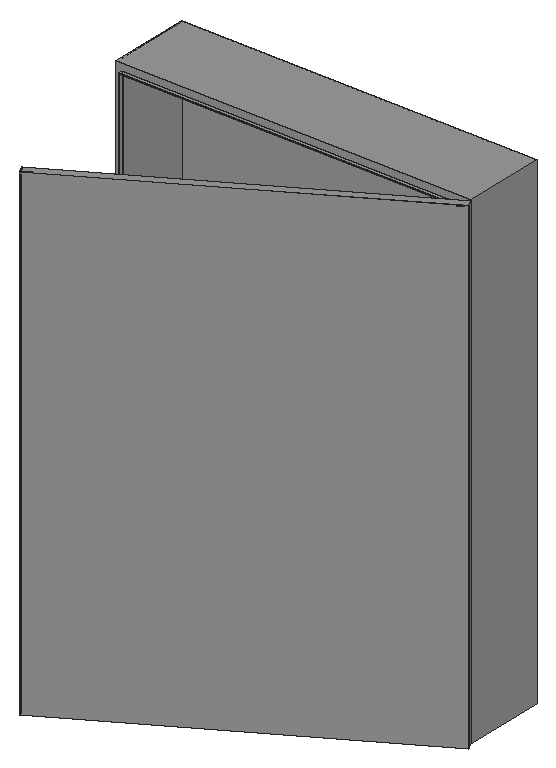
Revit family "Hager-Univers-IP44-D205-H1100-Cl.II-Encl-NoHosted-CH-en", category Equipement électrique, Revit 2020
Family settings
  Configuration du panneau = Deux colonnes, circuits au sein
  Cote de connecteur circulaire = Utiliser le diamètre
  Type d'élément = Tableau de raccordement
  Basée sur le plan de construction = Oui
  Toujours verticalement = Oui
  Couper avec des vides une fois chargée = Non
  Partagée = Non
  Point de calcul de pièce = Non
Parameters (values of type "Surface mounted (plaster) IP44 W800 H1100 D205  - FP73QS")
  Width Control [instance] = if([EF000008 - Width] > Min Width, [EF000008 - Width], Min Width)  # 800 mm
  Commentaires du type = [HG000003 - Range]  # "Univers"
  Thickness Door [instance] = if([EF009171 - Material plate thickness door/cover] > 3 mm, 3 mm, [EF009171 - Material plate thickness door/cover])  # 1 mm
  Seal Frame Offset [instance] = 17 mm  # constant formula
  Plinth Visibility [instance] = [HG000027 - Plinth height] > 0 mm  # no
  Min Width [instance] = 100 mm  # constant formula
  Min Depth [instance] = (2 * [EF009170 - Material plate thickness cabinet]) + 1 mm  # 3 mm
  Min Height [instance] = 100 mm  # constant formula
  Internal Frame Depth [instance] = (Door System Depth * 0.5)  # 9 mm
  Panel Name [instance] = ""  # (empty or 0)
  Model = ""
  HG000027 - Plinth height = 0 mm
  HG000026 - Floor standing = no
  HG000024 - Bottom section height = 600 mm
  HG000023 - Double section enclosure = no
  HG000016 - Door 3d visibility [instance] = yes
  HG000015 - Clearance visibility [instance] = no
  HG000014 - Door on the right [instance] = yes
  HG000013 - Door on the left [instance] = not([HG000014 - Door on the right])  # no
  HG000012 - Door swing angle [instance] = 30.00°
  HG000010 - Asymmetric doors = no
  HG000009 - Double swing door = no
  HG000006 - Flush mounted = no
  HG000004 - Manufacturer reference = "FP73QS"
  HG000003 - Range = "Univers"
  HG000002 - With door or cover = yes
  Frame Offset Bottom [instance] = 10 mm  # constant formula
  Frame Offset [instance] = 15 mm  # constant formula
  EF015940 - Cover with overpressure release = no
  EF011959 - Degree of protection (NEMA) = ""
  EF009554 - Number of openings for flange plates = 6
  EF009212 - Cover model = "EV000116 - Closed"
  EF009171 - Material plate thickness door/cover = 1 mm
  EF009170 - Material plate thickness cabinet = 1 mm
  EF008873 - Nominal current (In) = 250 A
  EF007800 - Suitable for lightning protection = no
  EF006306 - With lock = no
  EF006244 - Transparent cover/door = no
  EF005474 - Degree of protection (IP) = "EV006418 - IP44"
  EF004464 - Type of door = "EV002646 - Single"
  EF004427 - Number of modules = 252
  EF004293 - Impact strength = "EV006815 - IK09"
  EF003532 - Suitable for outdoor use = no
  EF002950 - Width in number of modular spacings = 36
  EF001613 - Circuit integrity = "EV000494 - None"
  EF001596 - Material housing = "EV000179 - Steel"
  EF001131 - Internal depth = 143 mm
  EF001088 - Extension possible = yes
  EF000437 - Number of conduit inlets = 6
  EF000339 - Type of cover = "EV001012 - Cover"
  EF000266 - Number of rows = 7
  EF000218 - Built-in depth = 0 mm
  EF000118 - With mounting plate = no
  EF000116 - RAL-number = "9010"
  EF000049 - Depth = 205 mm
  EF000040 - Height = 1100 mm
  EF000008 - Width = 800 mm
  EF000007 - Colour = "EV000202 - White"
  EF000003 - Mounting method = "EV000384 - Surface mounted (plaster)"
  Door System Leaf Tolerance [instance] = 1.5 mm  # constant formula
  Door System Depth [instance] = 18 mm  # constant formula
  Door Height [instance] = Height Control - [HG000027 - Plinth height]  # 1100 mm
  Description = ""
  Default Elevation = 1219.2 mm
  Connector Offset [instance] = Height Control / 2  # 550 mm
  Fabricant = "Hager"  # constant formula
  Height Control [instance] = if([EF000040 - Height] > Min Height, [EF000040 - Height], Min Height)  # 1100 mm
  Depth Control [instance] = if([EF000049 - Depth] > Min Depth, [EF000049 - Depth], Min Depth)  # 205 mm
  Bottom Top Plate Trim [instance] = 1.5 mm  # constant formula
  Plinth height Ctrl [instance] = if([HG000027 - Plinth height] > 0 mm, [HG000027 - Plinth height], 12 mm)  # 12 mm
Types (5, lengths in mm): name | Width Control | HG000009 - Double swing door | HG000004 - Manufacturer reference | EF009554 - Number of openings for flange plates | EF004464 - Type of door | EF004427 - Number of modules | EF002950 - Width in number of modular spacings | EF000437 - Number of conduit inlets | EF000008 - Width
  Surface mounted (plaster) IP44 W1050 H1100 D205  - FP74QS | 1050 | yes | "FP74QS" | 8 | "EV003602 - Double" | 336 | 48 | 8 | 1050
  Surface mounted (plaster) IP44 W1300 H1100 D205  - FP75QS | 1300 | yes | "FP75QS" | 10 | "EV003602 - Double" | 420 | 60 | 10 | 1300
  Surface mounted (plaster) IP44 W300 H1100 D205  - FP71QS | 300 | no | "FP71QS" | 2 | "EV002646 - Single" | 84 | 12 | 2 | 300
  Surface mounted (plaster) IP44 W550 H1100 D205  - FP72QS | 550 | no | "FP72QS" | 4 | "EV002646 - Single" | 168 | 24 | 4 | 550
  Surface mounted (plaster) IP44 W800 H1100 D205  - FP73QS | 800 | no | "FP73QS" | 6 | "EV002646 - Single" | 252 | 36 | 6 | 800
Reference planes
  plane 1 "Center (Front/Back)": y = 0
  plane 2: z = 0
  plane 3 "Center (Left/Right)": x = 0
  plane 4: y = 0
  plane 5: y = 0
  plane 6: z = 0
  plane 7: x = -400
  plane 8: x = 400
  plane 9: x = 399
  plane 10: x = -399
  plane 11: z = 0
  plane 12: z = 1
  plane 13: y = -205
  plane 14: y = -1
  plane 15: x = 0
  plane 16: y = -187
  plane 17: y = -204
  plane 18: y = -186
  plane 19: x = -384
  plane 20: x = 384
  plane 21: z = 11
  plane 22: x = -383
  plane 23: x = 383
  plane 24: z = 0
  plane 25: z = 1100
  plane 26: z = 1100
  plane 27: z = 1084
  plane 28: z = 1099
Forms (mm)
  Extrusion 1, solid, material "Hager_Steel_RAL7035_Light_Grey", detail levels medium+fine
    sketch origin (-208.679, -4572, 0) x (-1, 0, 0) y (0, -1, 0)
      loop
        line (191.321, -4385) -> (-608.679, -4385) -> (-608.679, -4572) -> (191.321, -4572) -> (191.321, -4385)
    from 0 to 1100
  Extrusion 2, void
    sketch origin (-350.771, -205, 1219.2) x (1, 0, 0) y (0, 0, 1)
      loop
        line (-48.229, -120.2) -> (-48.229, -1218.2) -> (749.771, -1218.2) -> (749.771, -120.2) -> (-48.229, -120.2)
    from -19 to -204
  Extrusion 3, void
    sketch origin (-290.084, -187, 1219.2) x (1, 0, 0) y (0, 0, 1)
      loop
        line (-93.916, -1208.2) -> (674.084, -1208.2) -> (674.084, -135.2) -> (-93.916, -135.2) -> (-93.916, -1208.2)
    from 0 to -1
  Extrusion 4, solid, material "Hager_Steel_RAL7035_Light_Grey", visible <- "Plinth Visibility", detail levels medium+fine
    sketch origin (0, 0, 0) x (1, 0, 0) y (0, 1, 0)
      loop
        line (-400, 0) -> (-400, -187) -> (400, -187) -> (400, 0) -> (-400, 0)
    from 0 to 12 <- "Plinth height Ctrl"
  Extrusion 5, solid, material "Hager_Steel_RAL7035_Light_Grey", detail levels coarse
    sketch origin (0, 0, 0) x (1, 0, 0) y (0, 1, 0)
      loop
        line (-400, 0) -> (-400, -205) -> (400, -205) -> (400, 0) -> (-400, 0)
    from 0 to 1100 <- "Height Control"
  Sweep 6, void
    path in 3D
      loop
        line (-400, -187, 12) -> (400, -187, 12) -> (400, 0, 12) -> (-400, 0, 12) -> (-400, -187, 12)
    profile origin (-400, -93.5, 12) x (1, 0, 0) y (0, 0, 1)
      loop
        line (0, 0) -> (0, -1.5) -> (1.5, -1.5)
        arc (1.5, -1.5) -> (1.061, -0.439) -> (0, 0) r 1.5
  Extrusion 7, solid, material "Hager_Steel_RAL7035_Light_Grey", detail levels fine
    sketch origin (-400, -187, 0) x (1, 0, 0) y (0, 0, 1)
      loop
        line (16, 11) -> (784, 11) -> (784, 1084) -> (16, 1084) -> (16, 11)
      loop
        line (15, 10) -> (785, 10) -> (785, 1085) -> (15, 1085) -> (15, 10)
    from 0 to 9 <- "Internal Frame Depth"
Cuts and joins
  Extrusion 2, Extrusion 3 cuts Extrusion 1
  Sweep 6 cuts Extrusion 4
Lines and regions (mm)
  Masking region 1
    outline origin (0, 0, 0) x (1, 0, 0) y (0, 1, 0)
      loop
        line (-400, 0) -> (-400, -205) -> (400, -205) -> (400, 0) -> (-400, 0)
  Masking region 2, detail levels coarse
    outline origin (-290.084, -187, 1219.2) x (-1, 0, 0) y (0, 0, 1)
      loop
        line (-690.084, -1219.2) -> (109.916, -1219.2) -> (109.916, -119.2) -> (-690.084, -119.2) -> (-690.084, -1219.2)
  Masking region 3, detail levels coarse
    outline origin (0, 0, 0) x (0, 1, 0) y (0, 0, 1)
      loop
        line (0, 0) -> (0, 1100) -> (-205, 1100) -> (-205, 0) -> (0, 0)
  Masking region 4, visible <- "Plinth Visibility", detail levels medium+fine
    outline origin (0, 0, 0) x (0, 1, 0) y (0, 0, 1)
      loop
        line (-1.5, 12) -> (-185.5, 12)
        arc (-185.5, 12) -> (-185.939, 10.939) -> (-187, 10.5) r 1.5
        line (-187, 10.5) -> (-187, 0) -> (0, 0) -> (0, 10.5)
        arc (0, 10.5) -> (-1.061, 10.939) -> (-1.5, 12) r 1.5
  Masking region 5, detail levels medium+fine
    outline origin (0, 0, 594.038) x (0, 1, 0) y (0, 0, 1)
      loop
        line (0, -594.038) -> (0, 505.962) -> (-187, 505.962) -> (-187, -594.038) -> (0, -594.038)
  Masking region 6, detail levels medium+fine
    outline origin (-359.7, -187, 1211.883) x (-1, 0, 0) y (0, 0, 1)
      loop
        line (-759.7, -1211.883) -> (40.3, -1211.883) -> (40.3, -111.883) -> (-759.7, -111.883) -> (-759.7, -1211.883)
  Masking region 7, visible <- "Plinth Visibility", detail levels medium+fine
    outline origin (-320.334, -187, 1041.368) x (-1, 0, 0) y (0, 0, 1)
      loop
        line (-720.334, -1041.368) -> (79.666, -1041.368) -> (79.666, -1030.868)
        arc (79.666, -1030.868) -> (78.606, -1030.429) -> (78.166, -1029.368) r 1.5
        line (78.166, -1029.368) -> (-718.834, -1029.368)
        arc (-718.834, -1029.368) -> (-719.273, -1030.429) -> (-720.334, -1030.868) r 1.5
        line (-720.334, -1030.868) -> (-720.334, -1041.368)
  sketch lines
    curve 1: line (-400, 0, 12) -> (-400, -187, 12)
    curve 2: line (-400, -187, 12) -> (400, -187, 12)
    curve 3: line (400, 0, 12) -> (-400, 0, 12)
    curve 4: line (400, -187, 12) -> (400, 0, 12)
Dimensions and locks
  locked: plane 1 "Center (Front/Back)" to plane 5
  "EF009170 - Material plate thickness cabinet": plane 7 to plane 10
  "EF009170 - Material plate thickness cabinet": plane 8 to plane 9
  equal spacing: plane 7, plane 3 "Center (Left/Right)", plane 8
  "Width Control": plane 7 to plane 8
  "Depth Control": plane 4 to plane 13
  "EF009170 - Material plate thickness cabinet": plane 4 to plane 14
  "Height Control": plane 25 to level
  "HG000027 - Plinth height": plane 11 to level
  "EF009170 - Material plate thickness cabinet": plane 12 to plane 11
  "EF009170 - Material plate thickness cabinet": plane 17 to plane 13
  "EF009170 - Material plate thickness cabinet": plane 18 to plane 16
  "Frame Offset Bottom": plane 21 to plane 12
  "Frame Offset": plane 10 to plane 19
  "Frame Offset": plane 9 to plane 20
  "Door System Depth": plane 16 to plane 13
  "Seal Frame Offset": plane 7 to plane 22
  "Seal Frame Offset": plane 8 to plane 23
  "EF009170 - Material plate thickness cabinet": plane 26 to plane 28
  "Frame Offset": plane 28 to plane 27
  "Connector Offset": plane 2 to connector elem
  "Bottom Top Plate Trim": profile plane to Sweep 6 sketch curve
  "Bottom Top Plate Trim": Sweep 6 sketch curve to Sweep 6 sketch curve
  "Plinth height Ctrl": Masking region 4 sketch curve to level
  "Plinth height Ctrl": Masking region 7 sketch curve to level
  "Thickness Door": Extrusion 7 sketch curve to Extrusion 7 sketch curve  (x4)
  "Bottom Top Plate Trim": radius of Sweep 6 sketch curve
  "Bottom Top Plate Trim": radius of Masking region 4 sketch curve  (x2)
  "Bottom Top Plate Trim": radius of Masking region 7 sketch curve  (x2)
  aligned and locked: Extrusion 2 sketch curve to plane 12
  aligned and locked: Extrusion 2 sketch curve to plane 9
  aligned and locked: Extrusion 2 sketch curve to plane 10
  aligned and locked: Extrusion 2 to plane 14
  aligned and locked: Extrusion 1 sketch curve to plane 4
  aligned and locked: plane 8 to Extrusion 1 sketch curve
  aligned and locked: plane 7 to Extrusion 1 sketch curve
  aligned and locked: Extrusion 2 to plane 18
  aligned and locked: Extrusion 3 sketch curve to plane 19
  aligned and locked: plane 20 to Extrusion 3 sketch curve
  aligned and locked: Extrusion 3 to Extrusion 2
  aligned and locked: Extrusion 3 sketch curve to plane 21
  aligned and locked: plane 3 "Center (Left/Right)" to nested 1
  aligned and locked: Extrusion 1 sketch curve to plane 16
  aligned and locked: Extrusion 4 sketch curve to cut or joined group of Extrusion 1, Extrusion 2, Extrusion 3
  aligned and locked: Masking region 1 sketch curve to plane 7
  aligned and locked: Masking region 1 sketch curve to plane 5
  aligned and locked: Masking region 1 sketch curve to plane 8
  aligned and locked: Masking region 2 sketch curve to level
  aligned and locked: level to Masking region 3 sketch curve
  aligned and locked: plane 1 "Center (Front/Back)" to Masking region 3 sketch curve
  aligned and locked: plane 13 to Masking region 3 sketch curve
  aligned and locked: plane 5 to Masking region 4 sketch curve
  aligned and locked: Masking region 2 sketch curve to plane 8
  aligned and locked: Masking region 2 sketch curve to plane 7
  aligned and locked: plane 7 to nested 2
  aligned and locked: nested 2 to plane 5
  aligned and locked: plane 5 to Masking region 5 sketch curve
  aligned and locked: plane 26 to Masking region 5 sketch curve
  aligned and locked: Extrusion 5 sketch curve to plane 8
  aligned and locked: Extrusion 5 sketch curve to plane 7
  aligned and locked: Extrusion 5 sketch curve to plane 5
  aligned and locked: Extrusion 3 sketch curve to plane 27
  aligned and locked: Extrusion 2 sketch curve to plane 28
  aligned and locked: Masking region 2 to plane 25
  aligned and locked: Extrusion 4 to plane 16
  aligned and locked: profile plane to Sweep 6 sketch curve
  aligned and locked: Masking region 5 sketch curve to plane 24
  aligned and locked: level to Masking region 4 sketch curve
  aligned and locked: Masking region 1 to plane 13
  aligned and locked: nested 1 to plane 16
  aligned and locked: Masking region 3 to plane 25
  aligned and locked: plane 16 to Masking region 4 sketch curve
  aligned and locked: Masking region 5 sketch curve to plane 16
  aligned and locked: plane 24 to plane 11
  aligned and locked: plane 26 to plane 25
  aligned and locked: plane 26 to cut or joined group of Extrusion 1, Extrusion 2, Extrusion 3
  aligned and locked: nested 1 to plane 24
  aligned and locked: Extrusion 1 to Extrusion 3
  aligned and locked: Masking region 6 sketch curve to plane 8
  aligned and locked: Masking region 6 sketch curve to plane 24
  aligned and locked: Masking region 6 sketch curve to plane 7
  aligned and locked: Masking region 6 sketch curve to plane 26
  aligned and locked: Masking region 7 sketch curve to plane 7
  aligned and locked: level to Masking region 7 sketch curve
  aligned and locked: Masking region 7 sketch curve to plane 8
  aligned and locked: Extrusion 7 sketch curve to cut or joined group of Extrusion 1, Extrusion 2, Extrusion 3  (x4)
Automatic sketch dimensions
  plane 19 to Extrusion 3 sketch curve = 0 mm
  Extrusion 3 sketch curve to plane 20 = 0 mm
  Extrusion 3 sketch curve to plane 21 = 0 mm
  Extrusion 4 sketch curve to plane 7 = 0 mm
  Extrusion 4 sketch curve to plane 8 = 0 mm
  Extrusion 4 sketch curve to plane 16 = 0 mm
  Masking region 1 sketch curve to plane 13 = 0 mm
  Masking region 2 sketch curve to plane 25 = 0 mm
  Masking region 3 sketch curve to plane 25 = 0 mm
  Extrusion 5 sketch curve to plane 13 = 0 mm
  profile plane to Sweep 6 sketch curve = 0 mm
Nested families
  nested 1: "EC000058_Univers_Door" at (0, -187, 0), Double <- "HG000009 - Double swing door", Transparent <- "EF006244 - Transparent cover/door", Angle <- "HG000012 - Door swing angle", Door_Right <- "HG000014 - Door on the right", Assymetrical <- "HG000010 - Asymmetric doors", Door <- "HG000002 - With door or cover", Width_Ctrl <- "Width Control", 3d_Door <- "HG000016 - Door 3d visibility", Clearance <- "HG000015 - Clearance visibility", Door_Left <- "HG000013 - Door on the left", Width <- "Width Control", Door_Depth <- "Door System Depth", Leaf_Tolerance <- "Door System Leaf Tolerance", Height <- "Door Height", Lock_Visibility <- "EF006306 - With lock", Thickness <- "Thickness Door", type "EC000058_Univers_Door", detail levels medium+fine
    with min_wh 3 mm, Width_Ctrl 800 mm, Width 800 mm, Transparent no, Thickness 1 mm, Seal_Material Hager_Rubber, Lock_Visibility no, Lock_Material Hager_Plastic_RAL9005_Jet_Black, Leaf_Width 800 mm, Leaf_Tolerance_External_Sides 0 mm, Leaf_Tolerance 1.5 mm, Leaf_Offset 0 mm, Leaf_Height 1097 mm, Leaf_2_Width 800 mm, Leaf_2_Offset 400 mm, Leaf_1_Width 800 mm, Leaf_1_Offset 400 mm, Height_Ctrl 1100 mm, Height 1100 mm, Glass_Material Hager_Glass, Double_Clearance_Ctrl no, Double no, Door_Right_Ctrl yes, Door_Right yes, Door_Material Hager_Steel_RAL7035_Light_Grey, Door_Left_Ctrl no, Door_Left no, Door_Depth 18 mm, Door yes, Clearance_Material Hager_Clearance, Clearance_Depth 800 mm, Clearance_Ctrl no, Clearance no, Assymetrical no, Angle 30.00°, 3d_Door yes
  nested 2: "Hager_Enclosure_Symbol" at (-400, 0, 0), Height <- "Depth Control", Width <- "Width Control", type "Hager_Enclosure_Symbol"
    with Width_Ctrl 800 mm, Width 800 mm, Height_Ctrl 205 mm, Height 205 mm, A_Width_Int 13.453 mm, A_Width 161.438 mm, A_Height_Ctrl 179.375 mm, A_Height 179.375 mm
Connectors
  electrical at (0, 0, 550)
    settings: on plane 1 "Center (Front/Back)", index 1, voltage 0 V, apparent load 0 VA, apparent load phase1 0 VA, apparent load phase2 0 VA, apparent load phase3 0 VA, power factor 1, load classification "Other", number of poles 1, system type 30, power factor state 1, is connector primary yes, connector utility no, sub classification motor no, connector description ""
Definition of nested family "EC000058_Univers_Door"
  Parameters (values of type "EC000058_Univers_Door")
    min_wh [instance] = (2 * Thickness) + 1 mm  # 11 mm
    Width_Ctrl [instance] = 400 mm
    Width [instance] = 500 mm
    Transparent [instance] = yes
    Thickness [instance] = 5 mm
    Seal_Material [instance] = none
    Lock_Visibility [instance] = yes
    Lock_Material [instance] = none
    Leaf_Width [instance] = if((Width_Ctrl - 2 * Leaf_Tolerance_External_Sides) > 0 mm, (Width_Ctrl - 2 * Leaf_Tolerance_External_Sides), min_wh)  # 400 mm
    Leaf_Tolerance_External_Sides [instance] = 0 mm  # constant formula
    Leaf_Tolerance [instance] = 1.5 mm
    Leaf_Offset [instance] = 0 mm  # constant formula
    Leaf_Height [instance] = if((Height_Ctrl - 2 * Leaf_Tolerance) > 0 mm, (Height_Ctrl - 2 * Leaf_Tolerance), min_wh)  # 497 mm
    Leaf_2_Width [instance] = if(and(and(Double, Assymetrical), Door_Left), (Leaf_Width / 3) - (Leaf_Tolerance / 2), if(and(and(Double, Assymetrical), Door_Right), (Leaf_Width / 3) * 2 - (Leaf_Tolerance / 2), if(and(Double, not(Assymetrical)), (Leaf_Width / 2) - Leaf_Tolerance, Leaf_Width)))  # 400 mm
    Leaf_2_Offset [instance] = if(and(Double, Assymetrical), Leaf_2_Width / 2, if(and(Double, not(Assymetrical)), Leaf_Width / 4, Leaf_Width / 2))  # 200 mm
    Leaf_1_Width [instance] = if(and(and(Double, Assymetrical), Door_Right), (Leaf_Width / 3) - (Leaf_Tolerance / 2), if(and(and(Double, Assymetrical), Door_Left), (Width / 3) * 2 - (Leaf_Tolerance / 2), if(and(Double, not(Assymetrical)), (Leaf_Width / 2) - Leaf_Tolerance, Leaf_Width)))  # 400 mm
    Leaf_1_Offset [instance] = if(and(Double, Assymetrical), Leaf_1_Width / 2, if(and(Double, not(Assymetrical)), Leaf_Width / 4, Leaf_Width / 2))  # 200 mm
    Height_Ctrl [instance] = if(Height > min_wh, Height, min_wh)  # 500 mm
    Height [instance] = 500 mm
    Glass_Material [instance] = none
    Double_Clearance_Ctrl [instance] = and(Double, Clearance)  # no
    Double [instance] = no
    Door_Right_Ctrl [instance] = and(or(Door_Right, Double), Door)  # yes
    Door_Right [instance] = yes
    Door_Material [instance] = none
    Door_Left_Ctrl [instance] = and(or(Door_Left, Double), Door)  # no
    Door_Left [instance] = no
    Door_Depth [instance] = 30 mm
    Door [instance] = yes
    Default Elevation = 1219.2 mm
    Clearance_Material [instance] = none
    Clearance_Depth [instance] = if(Leaf_1_Width > Leaf_2_Width, Leaf_1_Width, Leaf_2_Width)  # 400 mm
    Clearance_Ctrl [instance] = and(not(Double), Clearance)  # yes
    Clearance [instance] = yes
    Assymetrical [instance] = yes
    Angle [instance] = 30.00°
    3d_Door [instance] = yes
  Reference planes
    plane 1 "Center (Front/Back)": y = 0
    plane 2 "Bottom": z = 0
    plane 3 "Center (Left/Right)": x = 0
    plane 4: z = 500
    plane 5: x = -200
    plane 6: x = 200
    plane 7: z = 500
    plane 8: x = -200
    plane 9: z = 0
    plane 10: x = 200
    plane 11: y = 0
    plane 12: z = 1.5
    plane 13: x = -600
    plane 14: y = -400
    plane 15: x = 600
    plane 16: x = 0
    plane 17: x = 0
    plane 18: x = -200
    plane 19: x = 200
    plane 20: z = 498.5
  Forms (mm)
    Extrusion 1, solid, material <- "Clearance_Material", visible <- "Double_Clearance_Ctrl"
      sketch origin (1200, 0, 0) x (1, 0, 0) y (0, 0, -1)
        loop
          line (-1800, -498.5) -> (-600, -498.5) -> (-600, 0) -> (-1800, 0) -> (-1800, -498.5)
      from 0 to -400
  Dimensions and locks
    equal spacing: plane 5, plane 3 "Center (Left/Right)", plane 6
    "Width_Ctrl": plane 5 to plane 6
    "Leaf_Offset": plane 5 to plane 8
    "Leaf_Offset": plane 6 to plane 10
    "Leaf_Offset": plane 9 to level
    "Leaf_Offset": plane 4 to plane 7
    "Height_Ctrl": plane 4 to level
    "Leaf_Tolerance": plane 12 to plane 9
    locked: plane 11 to plane 1 "Center (Front/Back)"
    "Leaf_1_Offset": plane 18 to plane 16
    "Leaf_2_Offset": plane 17 to plane 19
    "Leaf_1_Width": plane 13 to plane 8
    "Leaf_2_Width": plane 10 to plane 15
    "Clearance_Depth": plane 14 to plane 1 "Center (Front/Back)"
    "Leaf_Tolerance_External_Sides": plane 8 to plane 18
    "Leaf_Tolerance_External_Sides": plane 19 to plane 10
    "Leaf_Tolerance": plane 7 to plane 20
    aligned and locked: level to plane 2 "Bottom"
    aligned and locked: nested 1 to plane 16
    aligned and locked: nested 2 to plane 17
    aligned and locked: Extrusion 1 to plane 13
    aligned and locked: plane 15 to Extrusion 1
    aligned and locked: Extrusion 1 to plane 14
    aligned and locked: plane 12 to nested 1
    aligned and locked: nested 2 to plane 12
    aligned and locked: Extrusion 1 to plane 11
    aligned and locked: plane 20 to Extrusion 1
    aligned and locked: nested 2 to plane 11
    aligned and locked: nested 1 to plane 11
  Automatic sketch dimensions
    Extrusion 1 sketch curve to level = 0 mm
    plane 5 to Extrusion 1 sketch curve = 400 mm
    plane 6 to Extrusion 1 sketch curve = 400 mm
    Extrusion 1 sketch curve to plane 4 = 1.5 mm
  Nested families
    nested 1: "EC000058_Univers_Door_Leaf" at (0, 0, 1.5), Width <- "Leaf_1_Width", visible <- "Door_Left_Ctrl", Leaf_Height <- "Leaf_Height", Angle <- "Angle", 3d_Door <- "3d_Door", Transparent <- "Transparent", Clearance Material <- "Clearance_Material", Clearance <- "Clearance_Ctrl", Door_Material <- "Door_Material", Glass_Material <- "Glass_Material", Door_Depth <- "Door_Depth", Lock_Material <- "Lock_Material", Seal_Material <- "Seal_Material", Lock_Visibility <- "Lock_Visibility", Thickness <- "Thickness", type "EC000058_Univers_Door_Leaf"
      with Width 400 mm, Transparent_Glass_Offset 30 mm, Transparent_Ctrl yes, Transparent yes, Thickness 5 mm, Standard no, Seal_Material none, Seal_D2 8 mm, Seal_D1 1 mm, Offset_Internal_Frame 10 mm, Lock_Width 20 mm, Lock_Visibility_3d yes, Lock_Visibility yes, Lock_Thickness_3 3 mm, Lock_Thickness_2 1 mm, Lock_Thickness_1 3 mm, Lock_Radius_Offset_2 16 mm, Lock_Radius_Offset_1 15 mm, Lock_Radius_2 5 mm, Lock_Radius 6 mm, Lock_Offset 5 mm, Lock_Material none, Lock_Height 80 mm, Lock_Cover_Top_Offset_2d 17 mm, Lock_Cover_Height -65 mm, Leaf_Height 497 mm, Internal_Seal_Thickness 8 mm, Internal_Seal_Depth_2 4.5 mm, Internal_Frame_Depth 25 mm, Glass_Thickness -1 mm, Glass_Offset -2 mm, Glass_Material none, Door_Material none, Door_Depth 30 mm, Clearance Material none, Clearance yes, Angle_Ctrl 30.00°, Angle 30.00°, 3d_Door yes
    nested 2: "EC000058_Univers_Door_Leaf" at (0, 0, 1.5) x (-1, 0, 0) z (0, 0, 1), Width <- "Leaf_2_Width", visible <- "Door_Right_Ctrl", Leaf_Height <- "Leaf_Height", Angle <- "Angle", 3d_Door <- "3d_Door", Transparent <- "Transparent", Clearance Material <- "Clearance_Material", Clearance <- "Clearance_Ctrl", Door_Material <- "Door_Material", Glass_Material <- "Glass_Material", Door_Depth <- "Door_Depth", Lock_Material <- "Lock_Material", Seal_Material <- "Seal_Material", Lock_Visibility <- "Lock_Visibility", Thickness <- "Thickness", type "EC000058_Univers_Door_Leaf"
      with Width 400 mm, Transparent_Glass_Offset 30 mm, Transparent_Ctrl yes, Transparent yes, Thickness 5 mm, Standard no, Seal_Material none, Seal_D2 8 mm, Seal_D1 1 mm, Offset_Internal_Frame 10 mm, Lock_Width 20 mm, Lock_Visibility_3d yes, Lock_Visibility yes, Lock_Thickness_3 3 mm, Lock_Thickness_2 1 mm, Lock_Thickness_1 3 mm, Lock_Radius_Offset_2 16 mm, Lock_Radius_Offset_1 15 mm, Lock_Radius_2 5 mm, Lock_Radius 6 mm, Lock_Offset 5 mm, Lock_Material none, Lock_Height 80 mm, Lock_Cover_Top_Offset_2d 17 mm, Lock_Cover_Height -65 mm, Leaf_Height 497 mm, Internal_Seal_Thickness 8 mm, Internal_Seal_Depth_2 4.5 mm, Internal_Frame_Depth 25 mm, Glass_Thickness -1 mm, Glass_Offset -2 mm, Glass_Material none, Door_Material none, Door_Depth 30 mm, Clearance Material none, Clearance yes, Angle_Ctrl 30.00°, Angle 30.00°, 3d_Door yes
  Definition of nested family "EC000058_Univers_Door_Leaf"
    Parameters (values of type "EC000058_Univers_Door_Leaf")
      Width [instance] = 2000 mm
      Transparent_Glass_Offset [instance] = 30 mm
      Transparent_Ctrl [instance] = and(Transparent, [3d_Door])  # yes
      Transparent [instance] = yes
      Thickness [instance] = 5 mm
      Standard [instance] = and(not(Transparent), [3d_Door])  # no
      Seal_Material [instance] = none
      Seal_D2 [instance] = 8 mm  # constant formula
      Seal_D1 [instance] = 1 mm  # constant formula
      Offset_Internal_Frame [instance] = 10 mm  # constant formula
      Lock_Width [instance] = 20 mm  # constant formula
      Lock_Visibility_3d [instance] = and(Lock_Visibility, [3d_Door])  # yes
      Lock_Visibility [instance] = yes
      Lock_Thickness_3 [instance] = 3 mm  # constant formula
      Lock_Thickness_2 [instance] = 1 mm  # constant formula
      Lock_Thickness_1 [instance] = 3 mm  # constant formula
      Lock_Radius_Offset_2 [instance] = Lock_Radius_Offset_1 + 1 mm  # 16 mm
      Lock_Radius_Offset_1 [instance] = 15 mm  # constant formula
      Lock_Radius_2 [instance] = Lock_Radius - 1 mm  # 5 mm
      Lock_Radius [instance] = 6 mm  # constant formula
      Lock_Offset [instance] = 5 mm  # constant formula
      Lock_Material [instance] = none
      Lock_Height [instance] = 80 mm  # constant formula
      Lock_Cover_Top_Offset_2d [instance] = Lock_Radius_Offset_2 + 1 mm  # 17 mm
      Lock_Cover_Height [instance] = -(Lock_Height - Lock_Radius_Offset_1)  # -65 mm
      Leaf_Height [instance] = 2720.336 mm
      Internal_Seal_Thickness [instance] = 8 mm  # constant formula
      Internal_Seal_Depth_2 [instance] = 4.5 mm  # constant formula
      Internal_Frame_Depth [instance] = if(Door_Depth - Thickness > 5 mm, Door_Depth - Thickness, 5 mm)  # 25 mm
      Glass_Thickness [instance] = if(Thickness > 15 mm, Glass_Offset + 10 mm, -1 mm)  # -1 mm
      Glass_Offset [instance] = if(Thickness > 15 mm, -(Thickness + 10 mm) / 2, -2 mm)  # -2 mm
      Glass_Material [instance] = none
      Door_Material [instance] = none
      Door_Depth [instance] = 30 mm
      Default Elevation = 0 mm
      Clearance Material [instance] = none
      Clearance [instance] = yes
      Angle_Ctrl [instance] = if(Angle > 180.00°, 180.00°, Angle)  # 90.00°
      Angle [instance] = 90.00°
      3d_Door [instance] = yes
    Reference planes
      plane 1 "Center (Front/Back)": y = 0
      plane 2: z = 0
      plane 3 "Center (Left/Right)": x = 0
      plane 4: y = 2000
      plane 5: x = -1000
      plane 6: x = 1000
      plane 7: x = -3000
      plane 8: z = 2720.336
      plane 9: z = 30
      plane 10: z = 2690.336
      plane 11: x = 970
      plane 12: x = -970
      plane 13: y = -3
      plane 14: z = 107.833
      plane 15: y = -5
      plane 16: y = -223.314
      plane 17: x = -1000
      plane 18: z = 1360.168
      plane 19: y = 30
    Forms (mm)
      Extrusion 1, solid, material <- "Clearance Material", visible <- "Clearance"
        sketch origin (0, 0, 0) x (1, 0, 0) y (0, 0, 1)
          loop
            line (-3000, 2720.336) -> (-3000, 0) -> (1000, 0) -> (1000, 2720.336) -> (-3000, 2720.336)
        from 0 to -2000
      Extrusion 2, solid, material <- "Door_Material", visible <- "Standard", detail levels medium+fine
        sketch origin (-1000, 0, 0) x (0, 1, 0) y (-1, 0, 0)
          loop
            line (0, 30) -> (0, 25) -> (2000, 25) -> (2000, 30) -> (0, 30)
        from 0 to 2720.336 <- "Leaf_Height"
      Extrusion 3, solid, material <- "Door_Material", visible <- "Transparent_Ctrl", detail levels medium+fine
        sketch origin (-1000, 0, 0) x (0, 1, 0) y (-1, 0, 0)
          loop
            line (0, 25) -> (2000, 25) -> (2000, 30) -> (0, 30) -> (0, 25)
        from 0 to 2720.336 <- "Leaf_Height"
      Extrusion 4, void
        sketch origin (-1025, 2000, 0) x (0, 1, 0) y (0, 0, -1)
          loop
            line (-30, -2690.336) -> (-30, -30) -> (-1970, -30) -> (-1970, -2690.336) -> (-30, -2690.336)
        from 0 to 5 <- "Thickness"
      Sweep 5, solid, material <- "Seal_Material", visible <- "Transparent_Ctrl", detail levels fine
        path in 3D
          loop
            line (-1025, 30, 30) -> (-1025, 30, 2690.336) -> (-1025, 1970, 2690.336) -> (-1025, 1970, 30) -> (-1025, 30, 30)
        profile origin (-1025, 1000, 30) x (1, 0, 0) y (0, 0, 1)
          loop
            line (0, 0) -> (0, -8) -> (1, -8) -> (1, 0) -> (0, 0)
      Extrusion 6, solid, material <- "Glass_Material", visible <- "Transparent_Ctrl", detail levels medium+fine
        sketch origin (-1030, 0, 0) x (0, 1, 0) y (0, 0, -1)
          loop
            line (1970, -2690.336) -> (1970, -30) -> (30, -30) -> (30, -2690.336) -> (1970, -2690.336)
        from -2 <- "Glass_Offset" to -1 <- "Glass_Thickness"
      Extrusion 7, solid, material <- "Door_Material", visible <- "3d_Door", detail levels medium+fine
        sketch origin (-1025, 2000, 0) x (0, -1, 0) y (0, 0, -1)
          loop
            line (0, -2720.336) -> (2000, -2720.336) -> (2000, 0) -> (0, 0) -> (0, -2720.336)
          loop
            line (1995, -5) -> (5, -5) -> (5, -2715.336) -> (1995, -2715.336) -> (1995, -5)
        from 0 to 25 <- "Internal_Frame_Depth"
      Sweep 8, solid, material <- "Seal_Material", visible <- "Transparent_Ctrl", detail levels fine
        path in 3D
          loop
            line (-1025, 0, 0) -> (-1025, 2000, 0) -> (-1025, 2000, 2720.336) -> (-1025, 0, 2720.336) -> (-1025, 0, 0)
        profile origin (-1025, 0, 1360.168) x (1, 0, 0) y (0, 1, 0)
          loop
            line (0, 10) -> (2.975, 10)
            arc (2.975, 10) -> (4.053, 10.447) -> (4.5, 11.525) r 1.525
            line (4.5, 11.525) -> (4.5, 16.527)
            arc (4.5, 16.527) -> (4.069, 17.569) -> (3.027, 18) r 1.473
            line (3.027, 18) -> (0, 18) -> (0, 10)
      Extrusion 9, solid, material <- "Lock_Material", visible <- "Lock_Visibility_3d", detail levels fine
        sketch origin (-1030, 0, 0) x (0, 1, 0) y (0, 0, -1)
          loop
            arc (1993.5, -1400.168) -> (1994.561, -1399.729) -> (1995, -1398.668) r 1.5
            line (1995, -1398.668) -> (1995, -1320.168) -> (1975, -1320.168) -> (1975, -1398.668)
            arc (1975, -1398.668) -> (1975.439, -1399.729) -> (1976.5, -1400.168) r 1.5
            line (1976.5, -1400.168) -> (1993.5, -1400.168)
        from 3 <- "Lock_Thickness_1" to 0
      Blend 10, solid, material <- "Lock_Material", visible <- "Lock_Visibility_3d", detail levels fine
        base sketch origin (-1033, 0, 0) x (0, 1, 0) y (0, 0, -1)
          loop
            line (1975, -1320.168) -> (1975, -1398.668)
            arc (1975, -1398.668) -> (1975.439, -1399.729) -> (1976.5, -1400.168) r 1.5
            line (1976.5, -1400.168) -> (1993.5, -1400.168)
            arc (1993.5, -1400.168) -> (1994.561, -1399.729) -> (1995, -1398.668) r 1.5
            line (1995, -1398.668) -> (1995, -1320.168) -> (1975, -1320.168)
        top sketch origin (-1033, 0, 0) x (0, 1, 0) y (0, 0, -1)
          loop
            line (1976, -1320.168) -> (1976, -1398.668)
            arc (1976, -1398.668) -> (1976.146, -1399.022) -> (1976.5, -1399.168) r 0.5
            line (1976.5, -1399.168) -> (1993.5, -1399.168)
            arc (1993.5, -1399.168) -> (1993.854, -1399.022) -> (1994, -1398.668) r 0.5
            line (1994, -1398.668) -> (1994, -1320.168) -> (1976, -1320.168)
        from 0 to 1 <- "Lock_Thickness_2"
      Blend 11, solid, material <- "Lock_Material", visible <- "Lock_Visibility_3d", detail levels fine
        base sketch origin (-1034, 0, 0) x (0, 1, 0) y (0, 0, -1)
          loop
            line (1978, -1320.168) -> (1978, -1384.168)
            arc (1978, -1384.168) -> (1985, -1391.168) -> (1992, -1384.168) r 7
            line (1992, -1384.168) -> (1992, -1320.168) -> (1978, -1320.168)
        top sketch origin (-1034, 0, 0) x (0, 1, 0) y (0, 0, -1)
          loop
            line (1991, -1320.168) -> (1979, -1320.168) -> (1979, -1383.168)
            arc (1979, -1383.168) -> (1985, -1389.168) -> (1991, -1383.168) r 6
            line (1991, -1383.168) -> (1991, -1320.168)
        from 0 to 3 <- "Lock_Thickness_3"
      Extrusion 12, solid, material <- "Lock_Material", visible <- "Lock_Visibility_3d", detail levels fine
        sketch origin (-1030, 1975, 1320.168) x (1, 0, 0) y (0, -1, 0)
          loop
            line (-7, -19) -> (-7, -1) -> (0, -1) -> (0, 0) -> (-8, 0) -> (-8, -20) -> (0, -20) -> (0, -19) -> (-7, -19)
        from 0 to -65 <- "Lock_Cover_Height"
      Extrusion 13, void
        sketch origin (-1038, 1995, 1320.168) x (-1, 0, 0) y (0, 0, -1)
          loop
            line (-5, -65) -> (0, -65) -> (-5, -60) -> (-5, -65)
        from 0 to 20 <- "Lock_Width"
      Extrusion 14, void
        sketch origin (-1038, 1975, 1320.168) x (0, -1, 0) y (0, 0, -1)
          loop
            circle (-10, -15.995) r 6
          loop
            circle (-10, -15.995) r 5
        from 0 to 2
      Extrusion 15, solid, material <- "Lock_Material", visible <- "Lock_Visibility_3d", detail levels medium
        sketch origin (-1030, 0, 0) x (0, 1, 0) y (0, 0, -1)
          loop
            arc (1993.5, -1400.168) -> (1994.561, -1399.729) -> (1995, -1398.668) r 1.5
            line (1995, -1398.668) -> (1995, -1320.168) -> (1975, -1320.168) -> (1975, -1398.668)
            arc (1975, -1398.668) -> (1975.439, -1399.729) -> (1976.5, -1400.168) r 1.5
            line (1976.5, -1400.168) -> (1993.5, -1400.168)
        from 8 to 0
    Cuts and joins
      Extrusion 4 cuts Extrusion 3
      Extrusion 13, Extrusion 14 cuts Extrusion 9
      Extrusion 14 cuts Blend 11
      Extrusion 13, Extrusion 14 cuts Extrusion 12
      joined: Extrusion 9, Blend 10, Blend 11, Extrusion 12
      Extrusion 14 cuts Extrusion 15
    Lines and regions (mm)
      Masking region 1, visible <- "Lock_Visibility", detail levels fine
        outline origin (0, 0, 0) x (0, 1, 0) y (0, 0, 1)
          loop
            line (30, 1320.168) -> (33, 1320.168) -> (33, 1400.168) -> (30, 1400.168) -> (30, 1320.168)
      Masking region 2, visible <- "Lock_Visibility", detail levels fine
        outline origin (0, 3.143, 0) x (0, 1, 0) y (0, 0, 1)
          loop
            line (29.857, 1354.168) -> (30.857, 1354.168) -> (30.857, 1366.168) -> (29.857, 1366.168) -> (29.857, 1354.168)
      Masking region 3, detail levels medium+fine
        outline origin (0, 0, 0) x (0, 1, 0) y (0, 0, 1)
          loop
            line (0, 0) -> (30, 0) -> (30, 2720.336) -> (0, 2720.336) -> (0, 0)
      Masking region 4, detail levels medium+fine
        outline origin (0, 0, 0) x (1, 0, 0) y (0, 0, 1)
          loop
            line (-1000, 2720.336) -> (-1000, 0) -> (1000, 0) -> (1000, 2720.336) -> (-1000, 2720.336)
      Masking region 5, visible <- "Lock_Visibility", detail levels fine
        outline origin (-47.116, 0, 0) x (1, 0, 0) y (0, 0, 1)
          loop
            arc (1024.616, 1399.168) -> (1023.556, 1398.729) -> (1023.116, 1397.668) r 1.5
            line (1023.116, 1397.668) -> (1023.116, 1320.168) -> (1041.116, 1320.168) -> (1041.116, 1397.668)
            arc (1041.116, 1397.668) -> (1040.677, 1398.729) -> (1039.616, 1399.168) r 1.5
            line (1039.616, 1399.168) -> (1024.616, 1399.168)
      Masking region 6, visible <- "Lock_Visibility", detail levels medium+fine
        outline origin (-25, 0, 0) x (1, 0, 0) y (0, 0, 1)
          loop
            arc (1001.5, 1400.168) -> (1000.439, 1399.729) -> (1000, 1398.668) r 1.5
            line (1000, 1398.668) -> (1000, 1320.168) -> (1020, 1320.168) -> (1020, 1398.668)
            arc (1020, 1398.668) -> (1019.561, 1399.729) -> (1018.5, 1400.168) r 1.5
            line (1018.5, 1400.168) -> (1001.5, 1400.168)
      Masking region 7, visible <- "Lock_Visibility", detail levels fine
        outline origin (-73.735, 0, 0) x (1, 0, 0) y (0, 0, 1)
          loop
            line (1051.735, 1382.168) -> (1065.735, 1382.168) -> (1065.735, 1384.168)
            arc (1065.735, 1384.168) -> (1058.735, 1391.168) -> (1051.735, 1384.168) r 7
            line (1051.735, 1384.168) -> (1051.735, 1382.168)
      Masking region 8, visible <- "Lock_Visibility", detail levels fine
        outline origin (-73.735, 0, 0) x (1, 0, 0) y (0, 0, 1)
          loop
            line (1052.735, 1382.168) -> (1064.735, 1382.168) -> (1064.735, 1383.168)
            arc (1064.735, 1383.168) -> (1058.735, 1389.168) -> (1052.735, 1383.168) r 6
            line (1052.735, 1383.168) -> (1052.735, 1382.168)
      Masking region 9, visible <- "Lock_Visibility", detail levels fine
        outline origin (-25, 0, 0) x (1, 0, 0) y (0, 0, 1)
          loop
            line (1020, 1320.168) -> (1020, 1382.168) -> (1000, 1382.168) -> (1000, 1320.168) -> (1020, 1320.168)
      Masking region 10, detail levels medium+fine
        outline origin (0, 0, 0) x (1, 0, 0) y (0, 0, 1)
          loop
            circle (985, 1335.144) r 6
      Masking region 11, detail levels fine
        outline origin (0, 0, 0) x (1, 0, 0) y (0, 0, 1)
          loop
            circle (985, 1335.144) r 5
      Masking region 12, visible <- "Lock_Visibility", detail levels fine
        outline origin (0, 12.767, 0) x (0, 1, 0) y (0, 0, 1)
          loop
            line (20.233, 1320.168) -> (21.233, 1320.168) -> (21.233, 1399.168) -> (20.233, 1400.168) -> (20.233, 1320.168)
      Masking region 13, visible <- "Lock_Visibility", detail levels fine
        outline origin (0, 13.767, -10) x (0, 1, 0) y (0, 0, 1)
          loop
            line (20.233, 1330.168) -> (23.233, 1330.168) -> (23.233, 1399.168) -> (20.233, 1402.168) -> (20.233, 1330.168)
      Masking region 14, visible <- "Lock_Visibility", detail levels fine
        outline origin (0, 12.767, -10) x (0, 1, 0) y (0, 0, 1)
          loop
            line (20.233, 1330.168) -> (25.233, 1330.168) -> (25.233, 1399.305) -> (20.233, 1394.305) -> (20.233, 1330.168)
      Masking region 15, visible <- "Lock_Visibility", detail levels medium
        outline origin (0, 0, 0) x (0, 1, 0) y (0, 0, 1)
          loop
            line (30, 1320.168) -> (38, 1320.168) -> (38, 1400.168) -> (30, 1400.168) -> (30, 1320.168)
      Masking region 16, visible <- "Lock_Visibility", detail levels fine
        outline origin (-1000, 0, 0) x (0, 1, 0) y (-1, 0, 0)
          loop
            line (1975, 30) -> (1995, 30) -> (1995, 38) -> (1975, 38) -> (1975, 30)
          loop
            line (1979, 37) -> (1976, 37) -> (1976, 34) -> (1978, 34) -> (1979, 37)
          loop
            line (1994, 37) -> (1991, 37) -> (1992, 34) -> (1994, 34) -> (1994, 37)
      Masking region 17, visible <- "Lock_Visibility", detail levels medium
        outline origin (-1000, 0, 0) x (0, 1, 0) y (-1, 0, 0)
          loop
            line (1975, 30) -> (1995, 30) -> (1995, 38) -> (1975, 38) -> (1975, 30)
      symbolic lines
        curve 1: line (1000, 0, 0) -> (-3000, 0, 0)
        curve 2: arc (1000, 0, 0) -> (-1000, 2000, 0) -> (-3000, 0, 0) r 2000
        curve 4: line (-1030, 0, 0) -> (-1030, 2000, 0)
      reference lines
        curve 3: line (-1000, 0, 0) -> (-1000, 2000, 0)
      symbolic lines, detail levels medium+fine
        curve 5: line (-1030, 2000, 0) -> (-1025, 2000, 0)
        curve 7: line (-1025, 0, 0) -> (-1030, 0, 0)
        curve 8: line (-1025, 0, 0) -> (-1000, 0, 0)
        curve 9: line (-1000, 0, 0) -> (-1000, 2000, 0)
        curve 10: line (-1000, 2000, 0) -> (-1025, 2000, 0)
      symbolic lines, detail levels fine
        curve 6: line (-1025, 2000, 0) -> (-1025, 0, 0)
      sketch lines
        curve 11: line (-1025, 0, 2720.336) -> (-1025, 0, 0)
        curve 12: line (-1025, 2000, 0) -> (-1025, 0, 0)
        curve 13: line (-1025, 2000, 2720.336) -> (-1025, 2000, 0)
        curve 14: line (-1025, 0, 2720.336) -> (-1025, 2000, 2720.336)
        curve 15: line (-1025, 1970, 30) -> (-1025, 30, 30)
        curve 16: line (-1025, 30, 30) -> (-1025, 30, 2690.336)
        curve 17: line (-1025, 1970, 2690.336) -> (-1025, 1970, 30)
        curve 18: line (-1025, 30, 2690.336) -> (-1025, 1970, 2690.336)
      symbolic lines, visible <- "Transparent", detail levels medium+fine
        curve 19: line (-970, 0, 2690.336) -> (970, 0, 2690.336)
        curve 20: line (-970, 0, 30) -> (-970, 0, 2690.336)
        curve 21: line (970, 0, 30) -> (-970, 0, 30)
        curve 22: line (970, 0, 2690.336) -> (970, 0, 30)
    Dimensions and locks
      "Width": plane 1 "Center (Front/Back)" to plane 4
      equal spacing: plane 5, plane 3 "Center (Left/Right)", plane 6
      "Width": plane 5 to plane 6
      "Width": plane 7 to plane 5
      "Leaf_Height": plane 8 to level
      "Width": curve 5 to curve 3
      "Width": curve 3 to curve 3
      plane 8 to plane 10 = 30 mm
      plane 9 to level = 30 mm
      plane 12 to plane 5 = 30 mm
      plane 6 to plane 11 = 30 mm
      Extrusion 1 to Extrusion 4 sketch curve = 30 mm
      "Transparent_Glass_Offset": curve 3 to Extrusion 4 sketch curve
      "Transparent_Glass_Offset": Extrusion 4 sketch curve to cut or joined group of Extrusion 3, Extrusion 4  (x2)
      cut or joined group of Extrusion 3, Extrusion 4 to Extrusion 6 sketch curve = 30 mm
      "Transparent_Glass_Offset": cut or joined group of Extrusion 3, Extrusion 4 to Extrusion 4 sketch curve
      "Thickness": curve 6 to curve 4
      "Thickness": Extrusion 7 sketch curve to Extrusion 7 sketch curve  (x4)
      "Door_Depth": curve 4 to curve 3
      "Offset_Internal_Frame": profile plane to Sweep 8 sketch curve
      "Internal_Seal_Thickness": Sweep 8 sketch curve to Sweep 8 sketch curve
      "Internal_Seal_Depth_2": profile plane to Sweep 8 sketch curve
      "Seal_D1": profile plane to Sweep 5 sketch curve
      "Seal_D2": profile plane to Sweep 5 sketch curve
      "Thickness": Extrusion 2 sketch curve to Extrusion 2 sketch curve
      equal spacing: Extrusion 9 sketch curve, plane 18, Extrusion 9 sketch curve  (x2)
      equal spacing: Masking region 1 sketch curve, plane 18, Masking region 1 sketch curve
      "Lock_Height": Masking region 1 sketch curve to Masking region 1 sketch curve
      "Lock_Radius": Masking region 2 sketch curve to plane 18 to Masking region 2 sketch curve
      Masking region 2 sketch curve to Masking region 1 = 1 mm
      "Door_Depth": plane 19 to plane 1 "Center (Front/Back)"
      "Lock_Thickness_1": Masking region 1 sketch curve to plane 19
      "Lock_Width": Extrusion 9 sketch curve to Extrusion 9 sketch curve
      "Lock_Height": Extrusion 9 sketch curve to Extrusion 9 sketch curve
      "Lock_Offset": cut or joined group of Extrusion 3, Extrusion 4 to Extrusion 9 sketch curve
      equal spacing: plane 8, plane 18, level
      "Lock_Radius_Offset_1": Blend 11 sketch curve to Blend 10
      locked: Blend 10 to Blend 11 sketch curve at 2  (x2)
      locked: var sketch to Blend 11 sketch curve at 1  (x2)
      "Lock_Radius_Offset_2": Blend 11 sketch curve to Blend 10
      locked: Extrusion 12 sketch curve to Extrusion 12 sketch curve at 1  (x3)
      Masking region 6 sketch curve to Masking region 6 sketch curve = 80 mm
      "Lock_Height": Masking region 6 sketch curve to Masking region 6 sketch curve
      "Lock_Width": Masking region 6 sketch curve to Masking region 6 sketch curve
      locked: Masking region 6 to Masking region 5 sketch curve at 1  (x3)
      locked: Masking region 5 to Masking region 7 sketch curve at 2  (x2)
      "Lock_Radius_Offset_1": Masking region 5 to Masking region 7 sketch curve
      "Lock_Radius_Offset_2": Masking region 5 to Masking region 8 sketch curve
      locked: Masking region 7 to Masking region 8 sketch curve at 1  (x2)
      "Lock_Cover_Top_Offset_2d": Masking region 5 to Masking region 9 sketch curve
      equal spacing: Masking region 9, Masking region 10 sketch curve, Masking region 9
      equal spacing: Masking region 9, Masking region 11 sketch curve, Masking region 9
      Extrusion 15 sketch curve to Extrusion 15 sketch curve = 80 mm
      "Lock_Width": Extrusion 15 sketch curve to Extrusion 15 sketch curve
      "Lock_Height": Extrusion 15 sketch curve to Extrusion 15 sketch curve
      equal spacing: Extrusion 15 sketch curve, plane 18, Extrusion 15 sketch curve
      "Lock_Thickness_3": Masking region 13 sketch curve to Masking region 13 sketch curve
      "Lock_Height": Masking region 12 sketch curve to Masking region 12 sketch curve
      locked: Masking region 13 sketch curve to Masking region 1 at 8
      locked: Masking region 14 sketch curve to Masking region 13 at 1
      locked: Masking region 14 sketch curve to Masking region 1 at 10.863
      "Lock_Height": Masking region 15 sketch curve to Masking region 15 sketch curve
      "Lock_Offset": Extrusion 15 sketch curve to cut or joined group of Extrusion 3, Extrusion 4
      "Lock_Offset": plane 6 to Masking region 6 sketch curve
      radius of Sweep 8 sketch curve = 1.525 mm
      radius of Sweep 8 sketch curve = 1.473 mm
      radius of Extrusion 9 sketch curve = 1.5 mm  (x2)
      "Lock_Radius": radius of Extrusion 14 sketch curve
      "Lock_Radius_2": radius of Extrusion 14 sketch curve
      "Lock_Radius": radius of Masking region 10 sketch curve
      "Lock_Radius_2": radius of Masking region 11 sketch curve
      radius of Extrusion 15 sketch curve = 1.5 mm  (x2)
      "Angle_Ctrl": angle plane 1 "Center (Front/Back)" to curve 3
      locked: Masking region 12 sketch curve to Masking region 12 sketch curve (angle 45.00°)
      locked: Masking region 13 sketch curve to Masking region 13 sketch curve (angle 45.00°)
      locked: Masking region 14 sketch curve to Masking region 14 sketch curve (angle 45.00°)
      aligned and locked: level to plane 2
      aligned and locked: Extrusion 1 to curve 1
      aligned and locked: plane 6 to Extrusion 1
      aligned and locked: Extrusion 1 to plane 1 "Center (Front/Back)"
      aligned and locked: plane 4 to Extrusion 1
      aligned and locked: plane 8 to Extrusion 1
      aligned and locked: curve 7 to Extrusion 2 sketch curve
      aligned and locked: curve 5 to Extrusion 2 sketch curve
      aligned and locked: curve 7 to Extrusion 3 sketch curve
      aligned and locked: Extrusion 3 sketch curve to curve 4
      aligned and locked: Extrusion 3 sketch curve to curve 6
      aligned and locked: Extrusion 3 sketch curve to curve 5
      aligned and locked: curve 9 to curve 3
      aligned and locked: Extrusion 7 sketch curve to cut or joined group of Extrusion 3, Extrusion 4  (x4)
      aligned and locked: plane 17 to curve 3
      aligned and locked: plane 1 "Center (Front/Back)" to curve 3
      aligned and locked: plane 17 to plane 5
      aligned and locked: Sweep 8 sketch curve to profile plane
      aligned and locked: Sweep 5 sketch curve to profile plane  (x2)
      aligned and locked: Masking region 1 to Masking region 2 sketch curve
      aligned and locked: plane 19 to Masking region 1 sketch curve
      aligned and locked: plane 1 "Center (Front/Back)" to Masking region 3 sketch curve
      aligned and locked: plane 19 to Masking region 3 sketch curve
      aligned and locked: level to Masking region 3 sketch curve
      aligned and locked: Masking region 3 sketch curve to plane 8
      aligned and locked: plane 17 to Masking region 4 sketch curve
      aligned and locked: level to Masking region 4 sketch curve
      aligned and locked: Masking region 4 sketch curve to plane 8
      aligned and locked: plane 12 to curve 20
      aligned and locked: plane 10 to curve 19
      aligned and locked: plane 11 to curve 22
      aligned and locked: curve 21 to plane 9
      aligned and locked: Extrusion 2 sketch curve to cut or joined group of Extrusion 3, Extrusion 4
      aligned and locked: Blend 10 sketch curve to Extrusion 9  (x4)
      aligned and locked: Extrusion 9 to Blend 10 sketch curve
      aligned and locked: Blend 10 to Blend 11 sketch curve
      aligned and locked: Extrusion 12 sketch curve to Blend 11
      aligned and locked: Extrusion 12 sketch curve to Extrusion 9  (x4)
      aligned and locked: Masking region 5 sketch curve to Masking region 6
      aligned and locked: Masking region 9 sketch curve to Masking region 6  (x3)
      aligned and locked: Masking region 12 sketch curve to Masking region 1
      aligned and locked: Masking region 13 sketch curve to Masking region 1
      aligned and locked: Masking region 12 to Masking region 14
      aligned and locked: Masking region 14 sketch curve to Masking region 1
      aligned and locked: Masking region 15 sketch curve to Masking region 14
      aligned and locked: Masking region 13 sketch curve to Masking region 12
      aligned and locked: Masking region 16 sketch curve to cut or joined group of Extrusion 14, Extrusion 15  (x4)
      aligned and locked: Masking region 16 sketch curve to cut or joined group of Extrusion 9, Blend 10, Blend 11, Extrusion 12, Extrusion 13, Extrusion 14  (x6)
      aligned and locked: cut or joined group of Extrusion 9, Blend 10, Blend 11, Extrusion 12, Extrusion 13, Extrusion 14 to Masking region 16 sketch curve
      aligned and locked: Masking region 17 sketch curve to cut or joined group of Extrusion 14, Extrusion 15  (x3)
      aligned and locked: Masking region 17 sketch curve to cut or joined group of Extrusion 9, Blend 10, Blend 11, Extrusion 12, Extrusion 13, Extrusion 14
      aligned and locked: Masking region 9 to Masking region 8 sketch curve
      aligned and locked: Masking region 9 to Masking region 7 sketch curve
    Automatic sketch dimensions
      plane 1 "Center (Front/Back)" to curve 2 = 0 mm
      curve 2 to plane 5 = 0 mm
      Extrusion 1 sketch curve to level = 0 mm
      Extrusion 1 sketch curve to plane 7 = 0 mm
      Extrusion 1 sketch curve to plane 6 = 0 mm
      Extrusion 1 sketch curve to plane 8 = 0 mm
      Extrusion 3 to Extrusion 6 sketch curve = 30 mm  (x4)
      Masking region 4 sketch curve to plane 6 = 0 mm
      Blend 10 sketch curve to Extrusion 9 = 1.5 mm
      Blend 10 sketch curve to Extrusion 9 = 1 mm
      Extrusion 13 sketch curve to Extrusion 12 = 0 mm  (x2)
      Extrusion 12 to Extrusion 13 sketch curve = 3 mm
      Extrusion 13 sketch curve to Extrusion 12 = 5 mm
      Extrusion 14 sketch curve to Extrusion 14 sketch curve = 0 mm  (x2)
      Extrusion 14 sketch curve to Extrusion 12 = 10 mm
      Extrusion 14 sketch curve to Extrusion 12 = 15.995 mm
      Masking region 5 sketch curve to Masking region 5 sketch curve = 1.5 mm  (x2)
      Masking region 10 sketch curve to plane 18 = 25.024 mm
      Masking region 11 sketch curve to plane 18 = 25.024 mm
      plane 19 to Masking region 14 sketch curve = 3 mm
      Masking region 16 sketch curve to Masking region 16 sketch curve = 3 mm
      curve 4 to curve 3 = 0 mm
      Blend 10 to Blend 11 sketch curve = 0 mm
      Masking region 6 sketch curve to Masking region 6 sketch curve = 1.5 mm  (x2)
      Masking region 6 sketch curve to plane 18 = 40 mm
      plane 19 to Masking region 12 sketch curve = 3 mm
      Masking region 12 sketch curve to Masking region 12 sketch curve = 1 mm
      Masking region 15 sketch curve to plane 19 = 0 mm
      Masking region 15 sketch curve to plane 18 = 40 mm
      radius of Blend 10 sketch curve to Extrusion 9 = 1 mm
Definition of nested family "Hager_Enclosure_Symbol"
  Parameters (values of type "Hager_Enclosure_Symbol")
    Width_Ctrl [instance] = if(Width > 1 mm, Width, 1 mm)  # 102.27 mm
    Width [instance] = 102.27 mm
    Height_Ctrl [instance] = if(Height > 1 mm, Height, 1 mm)  # 66.5 mm
    A_Width_Int [instance] = if(A_Width / 12 > 2 mm, A_Width / 12, 2 mm)  # 4.364 mm
    A_Width [instance] = if(A_Height_Ctrl * 0.9 > 2 mm, A_Height_Ctrl * 0.9, 2 mm)  # 52.369 mm
    A_Height_Ctrl [instance] = if(A_Height > 2 mm, A_Height, 2 mm)  # 58.188 mm
    Height [instance] = 66.5 mm
    A_Height [instance] = Height - (Height / 8)  # 58.188 mm
  Reference planes
    plane 1 "Centre (avant/arrière)": y = 0
    plane 2: z = 0
    plane 3 "Centre (gauche/droite)": x = 0
    plane 4: x = 52.369
    plane 5: y = 33.042
    plane 6: y = 41.77
    plane 7: y = 66.5
    plane 8: x = 26.184
    plane 9: y = 37.406
    plane 10: x = 102.27
    plane 11: y = 66.5
    plane 12: y = 8.313
  Lines and regions (mm)
    Filled region 1, type "Solid_Black", in view "Niveau de réf."
      outline origin (0, 0, 0) x (1, 0, 0) y (0, 1, 0)
        loop
          line (52.369, 66.5) -> (33.188, 54.536) -> (45.365, 45.006) -> (52.369, 66.5)
    Filled region 2, type "Solid_Black", in view "Niveau de réf."
      outline origin (0, 0, 0) x (1, 0, 0) y (0, 1, 0)
        loop
          line (0, 0) -> (102.27, 0) -> (102.27, 66.5) -> (0, 0)
    detail lines, in view "Niveau de réf."
      curve 1: line (0, 8.313, 0) -> (26.184, 41.77, 0)
      curve 2: line (26.184, 41.77, 0) -> (26.184, 33.042, 0)
      curve 3: line (26.184, 33.042, 0) -> (52.369, 66.5, 0)
  Dimensions and locks
    "A_Width": plane 3 "Centre (gauche/droite)" to plane 4
    equal spacing: plane 3 "Centre (gauche/droite)", plane 8, plane 4
    equal spacing: plane 6, plane 9, plane 5
    equal spacing: curve 3, Filled region 1 sketch curve, Filled region 1 sketch curve
    "Height_Ctrl": plane 1 "Centre (avant/arrière)" to plane 11
    "A_Height_Ctrl": plane 11 to plane 12
    equal spacing: plane 11, plane 9, plane 12
    "A_Width_Int": plane 6 to plane 9
    "Width_Ctrl": plane 3 "Centre (gauche/droite)" to plane 10
    angle Filled region 1 sketch curve to curve 3 = 20.00°
    angle curve 3 to Filled region 1 sketch curve = 20.00°
    locked: curve 3 to Filled region 1 sketch curve (angle 90.00°)
    aligned and locked: plane 10 to Filled region 2
    aligned and locked: plane 11 to Filled region 2 sketch curve
    aligned and locked: plane 10 to Filled region 2 sketch curve
    aligned and locked: plane 3 "Centre (gauche/droite)" to curve 1
    aligned and locked: plane 12 to curve 1
    aligned and locked: plane 7 to plane 11
  Automatic sketch dimensions
    Filled region 1 sketch curve to plane 4 = 0 mm
    Filled region 1 sketch curve to plane 7 = 0 mm
    plane 1 "Centre (avant/arrière)" to Filled region 2 sketch curve = 0 mm
    Filled region 2 sketch curve to plane 3 "Centre (gauche/droite)" = 0 mm
    curve 2 to plane 6 = 0 mm
    curve 2 to plane 8 = 0 mm
    curve 3 to plane 4 = 0 mm
    curve 2 to plane 5 = 0 mm
    curve 3 to plane 7 = 0 mm
